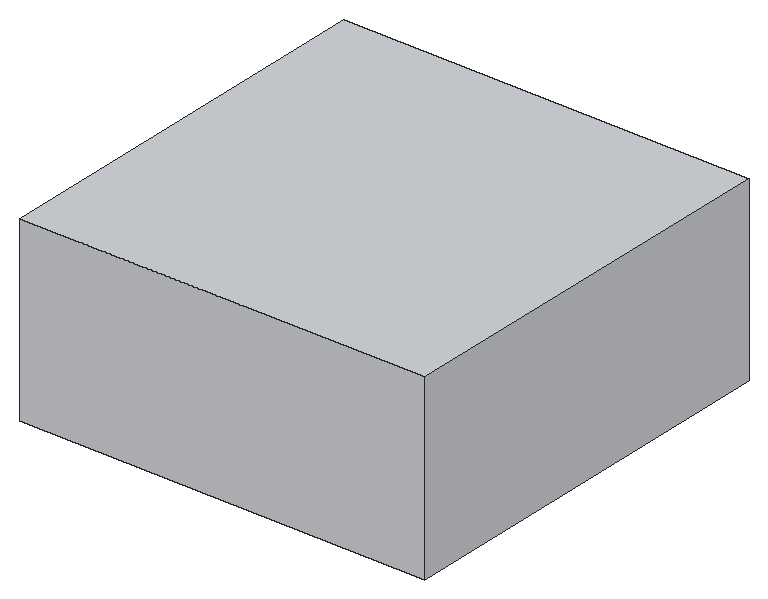
Revit family "M_電線管端子箱 - ティー - アルミニウム_2", category Electrical Equipment, Revit 2020
Family settings
  Panel Configuration = Two Columns, Circuits Across
  Round Connector Dimension = Use Radius
  Part Type = Panelboard
  OmniClass Number = 23.80.30.17.11
  OmniClass Title = Conduits
  Work Plane-Based = No
  Always vertical = Yes
  Cut with Voids When Loaded = No
  Shared = No
  Room Calculation Point = No
Parameters (values of type "標準")
  Default Elevation = 0 mm
  幅 [instance] = 長さ  # 116 mm
  呼び半径 3 [instance] = 8 mm
  呼び半径 2 [instance] = 8 mm
  呼び半径 1 [instance] = 8 mm
  呼び径 3 [instance] = 呼び半径 3 * 2  # 16 mm
  呼び径 2 [instance] = 呼び半径 2 * 2  # 16 mm
  呼び径 1 [instance] = 呼び半径 1 * 2  # 16 mm
  最大呼び径 13 [instance] = if(呼び径 1 > 呼び径 3, 呼び径 1, 呼び径 3)  # 16 mm
  最大呼び径 123 [instance] = if(最大呼び径 12 > 最大呼び径 13, 最大呼び径 12, 最大呼び径 13)  # 16 mm
  最大呼び径 12 [instance] = if(呼び径 1 > 呼び径 2, 呼び径 1, 呼び径 2)  # 16 mm
  高さ [instance] = if(not(最大呼び径 123 > 27 mm), 52 mm, if(最大呼び径 123 < 155 mm, 152 mm, 最大呼び径 123 * 1.2))  # 52 mm
  長さ [instance] = if(not(最大呼び径 123 > 27 mm), 116 mm, 6 * 最大呼び径 123)  # 116 mm
Reference planes
  plane 1 "中心(正面/背面)": y = 0
  plane 2: z = 0
  plane 3 "中心(左/右)": x = 0
  plane 4: x = -58
  plane 5: x = 58
  plane 6: y = 58
  plane 7: y = -58
  plane 8: z = 26
  plane 9: z = -26
Forms (mm)
  Extrusion 1, solid
    sketch origin (0, 0, 0) x (1, 0, 0) y (0, 1, 0)
      loop
        line (-58, 58) -> (-58, -58) -> (58, -58) -> (58, 58) -> (-58, 58)
    from -26 to 26
Dimensions and locks
  equal spacing: plane 4, plane 3 "中心(左/右)", plane 5
  "長さ": plane 4 to plane 5
  equal spacing: plane 6, plane 1 "中心(正面/背面)", plane 7
  "幅": plane 6 to plane 7
  equal spacing: plane 8, plane 2, plane 9
  "高さ": plane 8 to plane 9
  aligned and locked: Extrusion 1 sketch curve to plane 6
  aligned and locked: plane 4 to Extrusion 1 sketch curve
  aligned and locked: plane 7 to Extrusion 1 sketch curve
  aligned and locked: Extrusion 1 sketch curve to plane 5
  aligned and locked: Extrusion 1 to plane 9
  aligned and locked: plane 8 to Extrusion 1
Connectors
  cabletrayconduit at (-58, 0, 0), diameter 16, driven by "呼び半径 1"
    settings: on Extrusion 1, index 1, connector width 304.8 mm, connector height 304.8 mm, connector angle 0.00°, system type 32, placement type 0, profile type 0, connector reference index 2, is primary connector yes, connector utility param no, connector description ""
  cabletrayconduit at (58, 0, 0), diameter 16, driven by "呼び半径 2"
    settings: on Extrusion 1, index 2, connector width 304.8 mm, connector height 304.8 mm, connector angle 0.00°, system type 32, placement type 0, profile type 0, connector reference index 1, is primary connector no, connector utility param no, connector description ""
  cabletrayconduit at (0, -58, 0), diameter 16, driven by "呼び半径 3"
    settings: on Extrusion 1, index 3, connector width 304.8 mm, connector height 304.8 mm, connector angle 0.00°, system type 32, placement type 0, profile type 0, connector reference index -1, is primary connector no, connector utility param no, connector description ""
